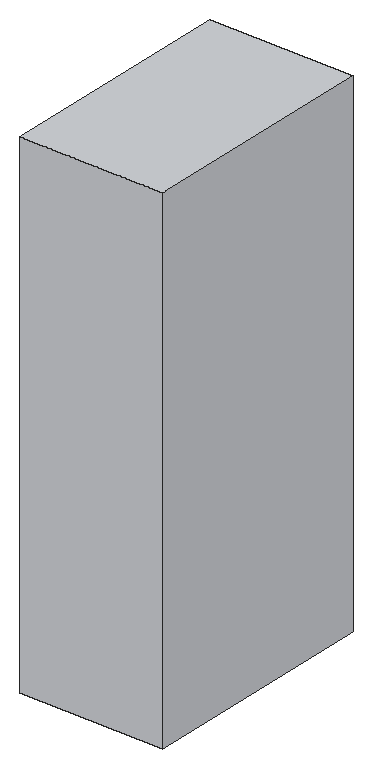
Revit family "第二期車站02_RTU機櫃_600x1000x2100", category 電氣設備, Revit 2025
Family settings
  面板規劃 = 兩欄，回路穿越
  圓形接點標註 = 使用直徑
  組件類型 = 分電盤
  OmniClass 編號 = 23.80.30.11.17
  OmniClass 標題 = Distribution Boards and Control Panels
  以工作平面為基礎 = 否
  總是垂直 = 是
  載入時使用空心切割 = 否
  維持標註方位 = 否
  共用 = 否
  房間計算點 = 否
Parameters (values of type "RTU 與網路機櫃")
  built-in parameter 1155100 [instance] = -1
  Default Elevation = 0 mm
  built-in parameter 1140142 [instance] = -1
  SCADA_高mm [instance] = "2100"
  SCADA_附錄F項次 [instance] = "20"
  SCADA_附錄D項次 [instance] = "11"
  SCADA_編號 [instance] = "P2S02-COMS-RTU-01"
  SCADA_站點 [instance] = "車站 2"
  SCADA_深mm [instance] = "1000"
  SCADA_機櫃類型 [instance] = "RTU 與網路機櫃"
  SCADA_期別 [instance] = "第二期"
  SCADA_房間 [instance] = "COMS/SCADA 設備室"
  SCADA_建物 [instance] = "車站"
  SCADA_尺寸 [instance] = "600W×1000D×2100H"
  SCADA_寬mm [instance] = "600"
  SCADA_定位來源 [instance] = "獨立設備族群（載入專案後定位）"
  SCADA_備註 [instance] = ""
  SCADA_來源文件 [instance] = "Installation SoW_V6（Rev.006, 2026-07-02）附錄 D / F；依原文顏色標示排除已刪除項目"
  SCADA_UPS電源110V [instance] = "雙 UPS 電源（2×4500VA）"
  built-in parameter 1140140 [instance] = 1 (stored number, unit not read)
Reference planes
  plane 1 "中心 (前/後)": y = 0
  plane 2: z = 0
  plane 3 "中心 (左/右)": x = 0
Forms (mm)
  Extrusion 1, solid
    sketch origin (0, 0, 0) x (1, 0, 0) y (0, 1, 0)
      loop
        line (-300, -500) -> (300, -500) -> (300, 500) -> (-300, 500) -> (-300, -500)
    from 0 to 2100
Lines and regions (mm)
  symbolic lines, style "開門線"
    curve 1: line (300, -500, 0) -> (300, -1100, 0)
    curve 2: arc (-300, -500, 0) -> (-124.264, -924.264, 0) -> (300, -1100, 0) r 600
    curve 3: line (-300, 500, 0) -> (-300, 1100, 0)
    curve 4: arc (300, 500, 0) -> (124.264, 924.264, 0) -> (-300, 1100, 0) r 600
Dimensions and locks
  aligned and locked: level to plane 2
